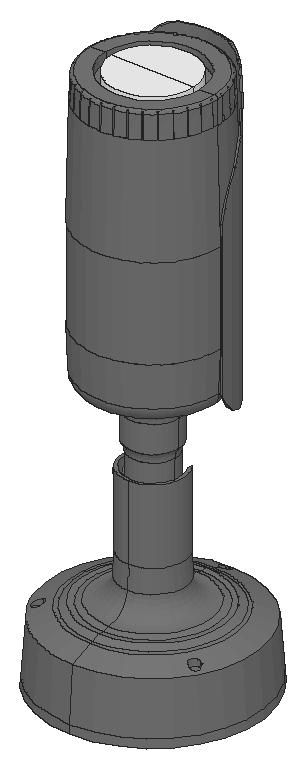
Revit family "Camera-Security-HanhwaTechwin-Bullet-Wisenet X-XNO-6120R_inch", category Security Devices, host Face, Revit 2020
Family settings
  Host = Face
  Maintain Annotation Orientation = No
  Round Connector Dimension = Use Diameter
  Part Type = Normal
  OmniClass Number = 23.85.30.17.14
  OmniClass Title = Video Surveillance
  Cut with Voids When Loaded = No
  Shared = No
  Room Calculation Point = No
Parameters (values of type "Standard")
  zz Length 3 [instance] = if(1 = 1, View Distance + 1.531", View Distance + 1.531")  # 37.531"
  zz Length 2 [instance] = tan(Field of View Horizontal Actual / 2) * View Distance  # 18.57303"
  zz Length 1 [instance] = tan(Field of View Vertical Actual / 2) * View Distance  # 10.38746"
  zz Angle 4 [instance] = if(1 = 1, Camera Shield Rotation Desired, Camera Shield Rotation Desired)  # 0.00°
  zz Angle 3 [instance] = Camera Tilt Actual + 90.00°  # 90.00°
  zz Angle 2 [instance] = 90.00° - Camera Shield Rotation Desired  # 90.00°
  zz Angle 1 [instance] = if(1 = 1, Camera Base Rotation Desired + 270.00°, Camera Base Rotation Desired + 270.00°)  # 270.00°
  WiseStreamII = "Support"  # constant formula
  Wide Dynamic Range = "150 dB"  # constant formula
  White Balance = "ATW / AWC / Manual / Indoor / Outdoor (Included Mercury & Sodium)"  # constant formula
  Weight = "0.995Kg (2.19lb)"
  Webpage Language = "English, Korean, Chinese, French, Italian, Spanish, German, Japanese,\r\nRussian, Swedish, Portuguese, Czech, Polish, Turkish, Dutch, Hungarian, Greek"  # constant formula
  Web Viewer = "Supported OS : Windows 7, 8.1, 10, Mac OS X 10.10. 10.11 10.12\r\nNon-Plugin Web Viewer\r\nSupported Browser : Google Chrome 56, MS Edge 39, Mozilla Firefox 49\r\n(Window 64bit only), Apple Safari 10 (Mac OS X only)\r\nPlug-in Web Viewer\r\nSupported Browser : MS Explore 11, Apple Safari 10 (Mac OS X only)"  # constant formula
  WarrantyStartDate [instance] = "1900-12-31T23:59:59"
  WarrantyGuarantorParts = ""
  WarrantyGuarantorLabor = ""
  WarrantyDurationUnit = "year"
  WarrantyDurationParts = ""
  WarrantyDurationLabor = ""
  WarrantyDescription = ""
  Voltage DC = "12V"  # constant formula
  Voltage AC = "24V"  # constant formula
  Voltage [instance] = 12 V
  View Distance [instance] = 36"
  Video Quality Adjustment = "H.265 / H.264 : MJPEG : Target bitrate level control"  # constant formula
  Video Out = "CVBS : 1.0 Vp-p / 75Ω Composite, 720 x 480(N), 720 x 576(P), for Installation\r\nUSB : Micro USB Type B, 1280 x 720, for Installation"  # constant formula
  Video Compression Format = "H.265 / H.264 (MPEG-4 part 10/AVC) : Main / Baseline / High, MJPEG"  # constant formula
  Video & Audio Analytics = "Tampering, Loitering, Directional detection, Defocus Detection, Fog Detection,\r\nVirtual Line, Enter / Exit, (Dis)Appear, Audio detection, Face detection, Motion\r\ndetection, Sound Classification"  # constant formula
  Version = "1"
  Unit Conversion [instance] = 39.37008"
  Uniclass2 = "Pr_60_75_05_22"
  URL = "https://www.hanwha-security.com"
  Total Pixels = "1,945(H) x 1,109(V) 2.16M"  # constant formula
  TagNumber (default) [instance] = ""
  SustainabilityPerformance = ""
  Streaming Method = "Unicast / Multicast"  # constant formula
  Streaming Capability = "Multiple streaming (Up to 10 profiles)"  # constant formula
  Storage Temperature / Humidity = "-50°C ~ +60°C (-58°F ~ +140°F) / Less than 90% RH"  # constant formula
  Smart Codec = "Manual mode (Area-based : 5ea)"  # constant formula
  Size = "Ø5.81\" x 14.51\" (Ø147.5 x 368.6.mm) (Without sunshield)"
  Shape = "Bullet"
  SerialNumber (default) = ""
  Security = "HTTPS (SSL) Login Authentication, Digest Login Authentication IP address filtering, User access log, 802.1X Authentication (EAP-TLS, EAP-LEAP)"  # constant formula
  Scanning System = "Progressive"  # constant formula
  S / N Ratio = "50 dB"  # constant formula
  Revision = ""
  Resolution = "1920 x 1080, 1280 x 1024, 1280 x 960, 1280 x 720, 1024 x 768, 800 x 600,\r\n800 x 448, 720 x 576, 720 x 480, 640 x 480, 640 x 360, 320 x 240"  # constant formula
  ReplacementCost = "Ø5.81\" (Ø147.5)"
  Protocol = "TCP/IP, UDP/IP, RTP (UDP), RTP (TCP), RTCP,RTSP, NTP, HTTP, HTTPS, SSL/TLS, DHCP, PPPoE, FTP, SMTP,\r\nICMP, IGMP, SNMPv1/v2c/v3 (MIB-2), ARP, DNS, DDNS, QoS, PIM-SM, UPnP, Bonjour"  # constant formula
  ProductInformation = ""
  Product Page URL [instance] = "https://www.hanwha-security.com/ko/products/camera/network/bullet/XNO-6120R/overview/"
  Product Material = Aluminum - HanwhaTechwin - Dark Gray
  Product Documentation Link = "https://www.hanwha-security.com/ko/products/camera/network/bullet/XNO-6120R/overview/"
  Privacy Masking = "Off / On (32ea, Rectangle zones) - Color : Grey / Green / Red / Blue / Black / White - Mosaic"  # constant formula
  Power Consumption = "24V AC : Max 14.5W, 12V DC : Max 12.5W, PoE : Max 12.95W"  # constant formula
  Pixel Counter = "Support"  # constant formula
  Operating Temperature / Humidity = "-40°C ~ +55°C (-40°F ~ +131°F) / Less than 90% RH * Start up should be done at above -35°C (-31°F)"  # constant formula
  NominalWidth = "Ø5.81\" (Ø147.5)"
  NominalLength = "14.51\" (368.6.mm)"
  NominalHeight = ""
  Name = "XNO-6120R"
  NBSTypeID = ""
  NBSReference = ""
  NBSOfficeMasterTag = ""
  NBSNote = ""
  NBSDescription = ""
  NBSCertification = ""
  Mount Type = "Board-in Type"  # constant formula
  Motion Detection = "Off / On (8ea, 8Point polygonal zones), Handover"  # constant formula
  ModelReference = "HanwhaTechwin"
  ModelNumber = "XNO-6120R"
  Model = "XNO-6120R"  # constant formula
  Min. Object Distance = "1.5m (4.92ft)"  # constant formula
  Min. Illumination = "Color : 0.03 Lux (F1.6, 1/30sec), B/W : 0Lux (IR LED on)"  # constant formula
  Megapixels = "2"  # constant formula
  Maximum Framerate = "H.265 / H.264 : Max. 60fps at all resolutions, MJPEG : Max. 30fps at all resolutions"  # constant formula
  Max. User Access = "20 users at unicast mode"  # constant formula
  Max. Aperture Ratio = "F1.6(Wide) ~ F3.0(Tele)"  # constant formula
  Max Resolution [instance] = 1920
  Material = "Aluminum"
  ManufacturerURL = "http://security.hanwhatechwin.com/"
  ManufacturerName = "HanwhaTechwin"
  Manufacturer = "Hanwha Techwin"  # constant formula
  Lens Type = "DC auto iris, P-Iris"  # constant formula
  LDC (Lens Distortion Correction) = "Off / On (5 Levels with Min / Max)"  # constant formula
  InstallationDate (default) [instance] = "1900-12-31T23:59:59"
  Input Vooltage / Current = "24V AC, 12V DC, PoE (IEEE802.3af Class3)"  # constant formula
  Ingress Protection / Vandal Resistance = "IP67, IP66, NEMA 4X / IK10"  # constant formula
  IR Viewable Length = "70m (229.66ft)"  # constant formula
  IP = "IPv4, IPv6"  # constant formula
  Grade = ""
  Gain Control = "Off / Low / Middle / High"  # constant formula
  Focus Control = "Simple focus (Motorized V/F) / Manual, Remote control via network (Manual, Simple focus)"  # constant formula
  Focal Length Actual [instance] = if(Focal Length > 2.45669", 2.45669", if(Focal Length < 0.20472", 0.20472", Focal Length))  # 0.20472"
  Focal Length (Zoom Ratio) = "5.2 ~ 62.4mm (Optical 12X)"  # constant formula
  Focal Length [instance] = 0.20472"
  FoV Hide Check [instance] = FoV Hide Check
  FoV Cross Check [instance] = FoV Cross Check
  Finish = ""
  Field of View_Recognize [instance] = Field of View - Recognize
  Field of View_Observe [instance] = Field of View - Observe
  Field of View_Identify [instance] = Field of View - Identify
  Field of View_Detect [instance] = Field of View - Detect
  Field of View is Visible_DORI [instance] = no
  Field of View is Visible [instance] = no
  Field of View Vertical Actual [instance] = 32.19° + (32.19° - 3.00°) / (2.45669" - 0.20472") * (Focal Length Actual - 0.20472")  # 32.19°
  Field of View Horizontal Actual [instance] = 54.58° + (5.30° - 54.58°) / (2.45669" - 0.20472") * (Focal Length Actual - 0.20472")  # 54.58°
  Field of View Diagonal Actual [instance] = 61.40° + (6.06° - 61.40°) / (2.45669" - 0.20472") * (Focal Length Actual - 0.20472")  # 61.40°
  Field of View [instance] = Field of View
  Features = "Max. 2Megapixel (1920 x 1080) resolution\r\n• 5.2 ~ 62.4mm (Optical 12X) Optical Lens\r\n• Max. 60fps@all resolutions (H.265 / H.264)"
  ExpectedLife = ""
  Ethernet = "RJ-45 (10/100BASE-T)"  # constant formula
  Electronic Shutter Speed = "Minimum / Maximum / Anti Flicker (2 ~ 1/12,000sec)"  # constant formula
  Effective Pixels = "1,945(H) x 1,097(V) 2.13M"  # constant formula
  Edge Storage = "SD / SDHC / SDXC 2Slot (Up to 512GB) - Continuous Recording (1st Slot to 2nd Slot)\r\n- Motion Images recorded in the SD / SDHC / SDXC Memory Card Can be Downloaded.\r\nNAS (Network Attached Storage), Local PC for Instant Recording"  # constant formula
  DurationUnit = ""
  Distance Recognize [instance] = 1 / 2 * (Max Resolution / 125) / tan(Field of View Horizontal Actual / 2) * Unit Conversion  # 586.06699"
  Distance Observe [instance] = 1 / 2 * (Max Resolution / 62.5) / tan(Field of View Horizontal Actual / 2) * Unit Conversion  # 1172.13398"
  Distance Identify [instance] = 1 / 2 * (Max Resolution / 250) / tan(Field of View Horizontal Actual / 2) * Unit Conversion  # 293.0335"
  Distance Detect [instance] = 1 / 2 * (Max Resolution / 25) / tan(Field of View Horizontal Actual / 2) * Unit Conversion  # 2930.33496"
  Digital Noise Reduction = "SSNRV (2D + 3D Noise filter) (Off / On)"  # constant formula
  Digital Image Stabilization = "Off / On (Built-in Gyro sensor)"  # constant formula
  Description = "NBS standard template for generic face-based components"  # constant formula
  Defog = "Off / Auto / Manual"  # constant formula
  Default Elevation = 48"
  Day and Night = "Auto (ICR) / Color / B/W / External / Schedule"  # constant formula
  Contrast Enhancement = "SSDR (Off / On)"  # constant formula
  Contrast = "Level adjusment"  # constant formula
  Constituents = ""
  Color = "Dark gray"
  CodePerformance = ""
  Central Management Software = "SmartViewer"  # constant formula
  Category = "2M Network IR Bullet Camera"
  Camera Title = "Off / On (Displayed up to 85 Characters)\r\n- W/W : English / Numeric / Special Characters\r\n- China : English / Numeric / Special / Chinese Characters\r\n- Common : Multi-line (Max. 5), Color (Grey / Green / Red / Blue / Black / White),\r\nTransparency, Auto scale by Resolution"  # constant formula
  Camera Tilt Desired [instance] = 0.00°
  Camera Tilt Actual [instance] = if(Camera Tilt Desired > 75.00°, 75.00°, if(Camera Tilt Desired < 0.00°, 0.00°, Camera Tilt Desired))  # 0.00°
  Camera Shield Rotation Desired [instance] = 0.00°
  Camera Shield Rotation Actual [instance] = if(Camera Shield Rotation Desired > 355.00°, 355.00°, if(Camera Shield Rotation Desired < 0.00°, 0.00°, Camera Shield Rotation Desired))  # 0.00°
  Camera Base Rotation Actual [instance] = if(Camera Base Rotation Desired > 354.00°, 354.00°, if(Camera Base Rotation Desired < 0.00°, 0.00°, Camera Base Rotation Desired))  # 0.00°
  Camera Base Rotation Desired [instance] = 0.00°
  Bitrate Control Method = "H.265 / H.264 : CBR or VBR, MJPEG : VBR"  # constant formula
  Base Vertical Length [instance] = 0.19685"
  Base Horizontal Length [instance] = 0.19685"
  BarCode (default) [instance] = ""
  Backlight Compensation = "Off / BLC / HLC / WDR"  # constant formula
  BIMObjectName = "Role_Source_Type_GenericFaceBased"
  Author = ""
  Audio In and Out = "Selectable (Mic in / Line in), Supply Voltage : 2.5V DC (4mA), Input Impedance : Approx. 2K Ohm / Line Out (3.5mm Mono Jack), Max Output Level: 1 Vrms"  # constant formula
  Audio Compression Format = "G.711 u-law/G.726 Selectable, G.726 (ADPCM) 8KHz, G.711 8KHz\r\nG.726 : 16Kbps, 24Kbps, 32Kbps, 40Kbps, AAC-LC : 48Kbps at 16KHz"  # constant formula
  Audio Communication = "Bi-directional (2-way)"  # constant formula
  AssetType = "Fixed"
  AssetIdentifier (default) [instance] = ""
  Application Programming Interface = "ONVIF Profile S/G, SUNAPI 2.0 (HTTP API), Wisenet Open Platform"  # constant formula
  Angular Field of View [instance] = "H : 54.58˚(Wide) ~ 5.30˚(Tele) / V : 32.19˚(Wide) ~ 3.00˚(Tele) / D : 61.40˚(Wide) ~ 6.06˚(Tele)"
  Alarm Triggers = "Alarm Input, Motion detection, Video & Audio Analytics, Network disconnect"  # constant formula
  Alarm Input and Output = "Input 1ea / Output 1ea"  # constant formula
  Alarm Events = "File Upload Via FTP, E-mail, Notification via e-mail, Local Storage (SD / SDHC /\r\nSDXC) or NAS recording at event triggers, External output, Preset"  # constant formula
  AccessibilityPerformance = ""
Reference planes (in)
  plane 1 "Center (Front/Back)": y = 0
  plane 2: z = 0
  plane 3 "Center (Left/Right)": x = 0
  plane 4: z = 3.17744
  plane 5: z = 5.14567
  plane 6: y = -0.82112
  plane 7: y = 0.82112
  plane 8: y = -2.748
  plane 9: y = 2.748
  plane 10: z = 1.98863
  plane 11: y = -1.44773
  plane 12: z = 1.58896
  plane 13: x = -0.43307
  plane 14: x = 0.43307
  plane 15: x = -0.51181
  plane 16: x = 0.51181
  plane 17: z = 4.79134
  plane 18: x = 1.79134
  plane 19: z = 13.7125
  plane 20: z = 6.70473
  plane 21 "1": x = 0
  plane 22: z = 13.83071
  plane 23: z = 14.62992
  plane 24: z = 6.79921
  plane 25: z = 14.70866
  plane 26: z = 14.51181
Forms (in)
  Revolve 1, solid, material "Aluminum - HanwhaTechwin - Dark Gray" <- "Product Material"
    sketch origin (0, 0, -0.11811) x (0, 1, 0) y (0, 0, 1)
      loop
        line (0, 0.11811) -> (0, 3.29555) -> (-0.80708, 3.29555) -> (-0.8284, 2.6849)
        arc (-0.8284, 2.6849) -> (-1.02426, 2.26196) -> (-1.46375, 2.10674) r 0.60016
        line (-1.46375, 2.10674) -> (-1.63131, 2.06299) -> (-1.77953, 2.06299) -> (-1.9718, 1.97158)
        arc (-1.9718, 1.97158) -> (-2.01817, 1.95522) -> (-2.06693, 1.94882) r 0.23622
        line (-2.06693, 1.94882) -> (-2.63666, 1.70707) -> (-2.73484, 0.33749) -> (-2.74826, 0.11811) -> (0, 0.11811)
      axis (0, 0.11811) -> (0, 3.29555)
    angle from 0 to 360
  Extrusion 2, solid, material "Aluminum - HanwhaTechwin - Dark Gray" <- "Product Material"
    sketch origin (0, 0, 4.79134) x (0, -1, 0) y (1, 0, 0)
      loop
        circle (0, 0) r 0.80709
      loop
        circle (0, 0) r 0.72835
    from -1.61389 to 0.35433
  Revolve 3, solid, material "Aluminum - HanwhaTechwin - Dark Gray" <- "Product Material"
    sketch origin (0, 0, 4.4833) x (0, 0, 1) y (-1, 0, 0)
      loop
        line (10.03083, -1.25287) -> (9.77851, -1.25287) -> (9.77851, 0) -> (-0.20377, 0) -> (-0.20377, -0.59055) -> (1.06338, -0.59055)
        arc (1.06338, -0.59055) -> (1.20257, -0.61598) -> (1.32379, -0.68897) r 0.3937
        line (1.32379, -0.68897) -> (2.0393, -0.68897)
        arc (2.0393, -0.68897) -> (2.32861, -0.78792) -> (2.49674, -1.04331) r 0.47244
        line (2.49674, -1.04331) -> (2.49674, -1.21261) -> (2.55579, -1.25197) -> (2.61512, -1.25197) -> (2.61512, -1.36592)
        arc (2.61512, -1.36592) -> (2.72682, -1.64064) -> (2.99852, -1.75949) r 0.3937
        line (2.99852, -1.75949) -> (4.06936, -1.79134) -> (6.48678, -1.79134) -> (9.36351, -1.73229) -> (9.95406, -1.71261)
        arc (9.95406, -1.71261) -> (10.00217, -1.68272) -> (10.03083, -1.63387) r 0.11811
        line (10.03083, -1.63387) -> (10.03083, -1.25287)
      axis (10.03083, 0) -> (-0.20377, 0)
    angle from 0 to 360
  Revolve 4, solid, material "Plastic - HanwhaTechwin - Sun-Shield", detail levels medium+fine
    sketch origin (0, 0, 4.79134) x (0, 0, 1) y (-1, 0, 0)
      loop
        line (9.72047, 0) -> (9.47047, 0) -> (9.47047, -1.08357) -> (9.72047, -1.08357) -> (9.72047, 0)
      axis (9.72047, 0) -> (9.47047, 0)
    angle from 0 to 360
  Extrusion 5, solid, material "Aluminum - HanwhaTechwin - Dark Gray" <- "Product Material"
    sketch origin (0, 0, 14.51181) x (1, 0, 0) y (0, 1, 0)
      loop
        arc (1.85039, 0) -> (0, 1.85039) -> (-1.85039, 0) r 1.85039
        line (-1.85039, 0) -> (-1.81102, 0)
        arc (-1.81102, 0) -> (0, 1.81102) -> (1.81102, 0) r 1.81102
        line (1.81102, 0) -> (1.85039, 0)
    from -7.7126 to 0.19685
  Extrusion 6, solid, material "Aluminum - HanwhaTechwin - Dark Gray" <- "Product Material"
    sketch origin (0, 0, 14.51181) x (1, 0, 0) y (0, 0, 1)
      loop
        circle (0, -5.82332) r 0.36
    from -2.01492 to -1.58159
  Extrusion 7, solid, material "Aluminum - HanwhaTechwin - Dark Gray" <- "Product Material"
    sketch origin (0, 0, 14.51181) x (1, 0, 0) y (0, 0, 1)
      loop
        line (0.23622, -5.35039) -> (-0.23622, -5.35039)
        arc (-0.23622, -5.35039) -> (-0.37541, -5.40805) -> (-0.43307, -5.54724) r 0.19685
        line (-0.43307, -5.54724) -> (-0.43307, -6.72835)
        arc (-0.43307, -6.72835) -> (-0.37541, -6.86754) -> (-0.23622, -6.9252) r 0.19685
        line (-0.23622, -6.9252) -> (0.23622, -6.9252)
        arc (0.23622, -6.9252) -> (0.37541, -6.86754) -> (0.43307, -6.72835) r 0.19685
        line (0.43307, -6.72835) -> (0.43307, -5.54724)
        arc (0.43307, -5.54724) -> (0.37541, -5.40805) -> (0.23622, -5.35039) r 0.19685
      loop
        arc (0.51181, -5.54724) -> (0.43109, -5.35237) -> (0.23622, -5.27165) r 0.27559
        line (0.23622, -5.27165) -> (-0.23622, -5.27165)
        arc (-0.23622, -5.27165) -> (-0.43109, -5.35237) -> (-0.51181, -5.54724) r 0.27559
        line (-0.51181, -5.54724) -> (-0.51181, -6.72835)
        arc (-0.51181, -6.72835) -> (-0.43109, -6.92322) -> (-0.23622, -7.00394) r 0.27559
        line (-0.23622, -7.00394) -> (0.23622, -7.00394)
        arc (0.23622, -7.00394) -> (0.43109, -6.92322) -> (0.51181, -6.72835) r 0.27559
        line (0.51181, -6.72835) -> (0.51181, -5.54724)
    from -1.87 to -1.58159
  Extrusion 8, void
    sketch origin (0, 0, 4.79134) x (0, 0, -1) y (0, 1, 0)
      loop
        line (-2.00787, 0) -> (-2.00787, 0.70887)
        arc (-2.00787, 0.70887) -> (-2.23841, 0.27403) -> (-2.64724, 0) r 1.00885
        line (-2.64724, 0) -> (-2.00787, 0)
      loop
        arc (-9.60951, 1.41181) -> (-9.79053, 1.52554) -> (-9.91732, 1.69767) r 0.57348
        line (-9.91732, 1.69767) -> (-9.91732, 0) -> (-6.73094, 0)
        arc (-6.73094, 0) -> (-7.32345, 0.17239) -> (-7.83953, 0.51068) r 2.08467
        arc (-7.83953, 0.51068) -> (-8.70079, 1.00786) -> (-9.60951, 1.41181) r 9.45238
    from -1.88976 to 1.88976
  Extrusion 9, void
    sketch origin (0, -1.25, 4.79134) x (0, 0, -1) y (-1, 0, 0)
      loop
        line (-0.35433, 0.61024) -> (-0.35433, -0.61024) -> (0.72835, -0.61024)
        arc (0.72835, -0.61024) -> (1.33858, 0) -> (0.72835, 0.61024) r 0.61024
        line (0.72835, 0.61024) -> (-0.35433, 0.61024)
    from 1.25 to 2.83159
  Extrusion 10, void
    sketch origin (0, 0.1504, 1.9685) x (0, -1, 0) y (-1, 0, 0)
      loop
        circle (-2.24803, 0) r 0.1575
      loop
        circle (1.35118, 2.07874) r 0.1575
      loop
        circle (1.35118, -2.07874) r 0.1575
    from 0.393 to 0
  Extrusion 11, solid, material "Aluminum - HanwhaTechwin - Dark Gray" <- "Product Material"
    sketch origin (0, 0, 4.35384) x (0, -1, 0) y (0, 0, 1)
      loop
        circle (0, 0.42049) r 0.15
    from 0.93885 to -0.67046
  Extrusion 12, void
    sketch origin (0, 0, 6.98004) x (0, -1, 0) y (1, 0, 0)
      loop
        line (1.68, -0.01969) -> (1.79134, -0.01969) -> (1.79134, 0.01969) -> (1.68, 0.01969) -> (1.68, -0.01969)
    from 7.53409 to 6.86677
  Extrusion 13, void
    sketch origin (0, 0, 6.98004) x (-0.18375, -0.982973, 0) y (0.982973, -0.18375, 0)
      loop
        line (1.68, -0.01969) -> (1.79134, -0.01969) -> (1.79134, 0.01969) -> (1.68, 0.01969) -> (1.68, -0.01969)
    from 7.53189 to 6.86677
  Extrusion 14, void
    sketch origin (0, 0, 6.98004) x (0.18375, -0.982973, 0) y (0.982973, 0.18375, 0)
      loop
        line (1.68, -0.01969) -> (1.79134, -0.01969) -> (1.79134, 0.01969) -> (1.68, 0.01969) -> (1.68, -0.01969)
    from 7.53189 to 6.86677
  Extrusion 15, void
    sketch origin (0, 0, 6.98004) x (0.361242, -0.932472, 0) y (0.932472, 0.361242, 0)
      loop
        line (1.68, -0.01969) -> (1.79134, -0.01969) -> (1.79134, 0.01969) -> (1.68, 0.01969) -> (1.68, -0.01969)
    from 7.53189 to 6.86677
  Extrusion 16, void
    sketch origin (0, 0, 6.98004) x (0.526432, -0.850217, 0) y (0.850217, 0.526432, 0)
      loop
        line (1.68, -0.01969) -> (1.79134, -0.01969) -> (1.79134, 0.01969) -> (1.68, 0.01969) -> (1.68, -0.01969)
    from 7.53189 to 6.86677
  Extrusion 17, void
    sketch origin (0, 0, 6.98004) x (0.673696, -0.739009, 0) y (0.739009, 0.673696, 0)
      loop
        line (1.68, -0.01969) -> (1.79134, -0.01969) -> (1.79134, 0.01969) -> (1.68, 0.01969) -> (1.68, -0.01969)
    from 7.53189 to 6.86677
  Extrusion 18, void
    sketch origin (0, 0, 6.98004) x (0.798017, -0.602635, 0) y (0.602635, 0.798017, 0)
      loop
        line (1.68, -0.01969) -> (1.79134, -0.01969) -> (1.79134, 0.01969) -> (1.68, 0.01969) -> (1.68, -0.01969)
    from 7.53189 to 6.86677
  Extrusion 19, void
    sketch origin (0, 0, 6.98004) x (0.895163, -0.445738, 0) y (0.445738, 0.895163, 0)
      loop
        line (1.68, -0.01969) -> (1.79134, -0.01969) -> (1.79134, 0.01969) -> (1.68, 0.01969) -> (1.68, -0.01969)
    from 7.53189 to 6.86677
  Extrusion 20, void
    sketch origin (0, 0, 6.98004) x (0.961826, -0.273663, 0) y (0.273663, 0.961826, 0)
      loop
        line (1.68, -0.01969) -> (1.79134, -0.01969) -> (1.79134, 0.01969) -> (1.68, 0.01969) -> (1.68, -0.01969)
    from 7.53189 to 6.86677
  Extrusion 21, void
    sketch origin (0, 0, 6.98004) x (0.995734, -0.092268, 0) y (0.092268, 0.995734, 0)
      loop
        line (1.68, -0.01969) -> (1.79134, -0.01969) -> (1.79134, 0.01969) -> (1.68, 0.01969) -> (1.68, -0.01969)
    from 7.53189 to 6.86677
  Extrusion 22, void
    sketch origin (0, 0, 6.98004) x (0.995734, 0.092268, 0) y (-0.092268, 0.995734, 0)
      loop
        line (1.68, -0.01969) -> (1.79134, -0.01969) -> (1.79134, 0.01969) -> (1.68, 0.01969) -> (1.68, -0.01969)
    from 7.53189 to 6.86677
  Extrusion 23, void
    sketch origin (0, 0, 6.98004) x (0.961826, 0.273663, 0) y (-0.273663, 0.961826, 0)
      loop
        line (1.68, -0.01969) -> (1.79134, -0.01969) -> (1.79134, 0.01969) -> (1.68, 0.01969) -> (1.68, -0.01969)
    from 7.53189 to 6.86677
  Extrusion 24, void
    sketch origin (0, 0, 6.98004) x (0.895163, 0.445738, 0) y (-0.445738, 0.895163, 0)
      loop
        line (1.68, -0.01969) -> (1.79134, -0.01969) -> (1.79134, 0.01969) -> (1.68, 0.01969) -> (1.68, -0.01969)
    from 7.53189 to 6.86677
  Extrusion 25, void
    sketch origin (0, 0, 6.98004) x (0.798017, 0.602635, 0) y (-0.602635, 0.798017, 0)
      loop
        line (1.68, -0.01969) -> (1.79134, -0.01969) -> (1.79134, 0.01969) -> (1.68, 0.01969) -> (1.68, -0.01969)
    from 7.53189 to 6.86677
  Extrusion 26, void
    sketch origin (0, 0, 6.98004) x (0.673696, 0.739009, 0) y (-0.739009, 0.673696, 0)
      loop
        line (1.68, -0.01969) -> (1.79134, -0.01969) -> (1.79134, 0.01969) -> (1.68, 0.01969) -> (1.68, -0.01969)
    from 7.53189 to 6.86677
  Extrusion 27, void
    sketch origin (0, 0, 6.98004) x (0.526432, 0.850217, 0) y (-0.850217, 0.526432, 0)
      loop
        line (1.68, -0.01969) -> (1.79134, -0.01969) -> (1.79134, 0.01969) -> (1.68, 0.01969) -> (1.68, -0.01969)
    from 7.53189 to 6.86677
  Extrusion 28, void
    sketch origin (0, 0, 6.98004) x (0.361242, 0.932472, 0) y (-0.932472, 0.361242, 0)
      loop
        line (1.68, -0.01969) -> (1.79134, -0.01969) -> (1.79134, 0.01969) -> (1.68, 0.01969) -> (1.68, -0.01969)
    from 7.53189 to 6.86677
  Extrusion 29, void
    sketch origin (0, 0, 6.98004) x (0.18375, 0.982973, 0) y (-0.982973, 0.18375, 0)
      loop
        line (1.68, -0.01969) -> (1.79134, -0.01969) -> (1.79134, 0.01969) -> (1.68, 0.01969) -> (1.68, -0.01969)
    from 7.53189 to 6.86677
  Extrusion 30, void
    sketch origin (0, 0, 6.98004) x (0, 1, 0) y (-1, 0, 0)
      loop
        line (1.68, -0.01969) -> (1.79134, -0.01969) -> (1.79134, 0.01969) -> (1.68, 0.01969) -> (1.68, -0.01969)
    from 7.53189 to 6.86677
  Extrusion 31, void
    sketch origin (0, 0, 6.98004) x (-0.18375, 0.982973, 0) y (-0.982973, -0.18375, 0)
      loop
        line (1.68, -0.01969) -> (1.79134, -0.01969) -> (1.79134, 0.01969) -> (1.68, 0.01969) -> (1.68, -0.01969)
    from 7.53189 to 6.86677
  Extrusion 32, void
    sketch origin (0, 0, 6.98004) x (-0.361242, 0.932472, 0) y (-0.932472, -0.361242, 0)
      loop
        line (1.68, -0.01969) -> (1.79134, -0.01969) -> (1.79134, 0.01969) -> (1.68, 0.01969) -> (1.68, -0.01969)
    from 7.53189 to 6.86677
  Extrusion 33, void
    sketch origin (0, 0, 6.98004) x (-0.526432, 0.850217, 0) y (-0.850217, -0.526432, 0)
      loop
        line (1.68, -0.01969) -> (1.79134, -0.01969) -> (1.79134, 0.01969) -> (1.68, 0.01969) -> (1.68, -0.01969)
    from 7.53189 to 6.86677
  Extrusion 34, void
    sketch origin (0, 0, 6.98004) x (-0.673696, 0.739009, 0) y (-0.739009, -0.673696, 0)
      loop
        line (1.68, -0.01969) -> (1.79134, -0.01969) -> (1.79134, 0.01969) -> (1.68, 0.01969) -> (1.68, -0.01969)
    from 7.53189 to 6.86677
  Extrusion 35, void
    sketch origin (0, 0, 6.98004) x (-0.798017, 0.602635, 0) y (-0.602635, -0.798017, 0)
      loop
        line (1.68, -0.01969) -> (1.79134, -0.01969) -> (1.79134, 0.01969) -> (1.68, 0.01969) -> (1.68, -0.01969)
    from 7.53189 to 6.86677
  Extrusion 36, void
    sketch origin (0, 0, 6.98004) x (-0.895163, 0.445738, 0) y (-0.445738, -0.895163, 0)
      loop
        line (1.68, -0.01969) -> (1.79134, -0.01969) -> (1.79134, 0.01969) -> (1.68, 0.01969) -> (1.68, -0.01969)
    from 7.53189 to 6.86677
  Extrusion 37, void
    sketch origin (0, 0, 6.98004) x (-0.961826, 0.273663, 0) y (-0.273663, -0.961826, 0)
      loop
        line (1.68, -0.01969) -> (1.79134, -0.01969) -> (1.79134, 0.01969) -> (1.68, 0.01969) -> (1.68, -0.01969)
    from 7.53189 to 6.86677
  Extrusion 38, void
    sketch origin (0, 0, 6.98004) x (-0.995734, 0.092268, 0) y (-0.092268, -0.995734, 0)
      loop
        line (1.68, -0.01969) -> (1.79134, -0.01969) -> (1.79134, 0.01969) -> (1.68, 0.01969) -> (1.68, -0.01969)
    from 7.53189 to 6.86677
  Extrusion 39, void
    sketch origin (0, 0, 6.98004) x (-0.995734, -0.092268, 0) y (0.092268, -0.995734, 0)
      loop
        line (1.68, -0.01969) -> (1.79134, -0.01969) -> (1.79134, 0.01969) -> (1.68, 0.01969) -> (1.68, -0.01969)
    from 7.53177 to 6.86677
  Extrusion 40, void
    sketch origin (0, 0, 6.98004) x (-0.961826, -0.273663, 0) y (0.273663, -0.961826, 0)
      loop
        line (1.68, -0.01969) -> (1.79134, -0.01969) -> (1.79134, 0.01969) -> (1.68, 0.01969) -> (1.68, -0.01969)
    from 7.53189 to 6.86677
  Extrusion 41, void
    sketch origin (0, 0, 6.98004) x (-0.895163, -0.445738, 0) y (0.445738, -0.895163, 0)
      loop
        line (1.68, -0.01969) -> (1.79134, -0.01969) -> (1.79134, 0.01969) -> (1.68, 0.01969) -> (1.68, -0.01969)
    from 7.53189 to 6.86677
  Extrusion 42, void
    sketch origin (0, 0, 6.98004) x (-0.798017, -0.602635, 0) y (0.602635, -0.798017, 0)
      loop
        line (1.68, -0.01969) -> (1.79134, -0.01969) -> (1.79134, 0.01969) -> (1.68, 0.01969) -> (1.68, -0.01969)
    from 7.53189 to 6.86677
  Extrusion 43, void
    sketch origin (0, 0, 6.98004) x (-0.673696, -0.739009, 0) y (0.739009, -0.673696, 0)
      loop
        line (1.68, -0.01969) -> (1.79134, -0.01969) -> (1.79134, 0.01969) -> (1.68, 0.01969) -> (1.68, -0.01969)
    from 7.53189 to 6.86677
  Extrusion 44, void
    sketch origin (0, 0, 6.98004) x (-0.526432, -0.850217, 0) y (0.850217, -0.526432, 0)
      loop
        line (1.68, -0.01969) -> (1.79134, -0.01969) -> (1.79134, 0.01969) -> (1.68, 0.01969) -> (1.68, -0.01969)
    from 7.53189 to 6.86677
  Extrusion 45, void
    sketch origin (0, 0, 6.98004) x (-0.361242, -0.932472, 0) y (0.932472, -0.361242, 0)
      loop
        line (1.68, -0.01969) -> (1.79134, -0.01969) -> (1.79134, 0.01969) -> (1.68, 0.01969) -> (1.68, -0.01969)
    from 7.53189 to 6.86677
Cuts and joins
  Extrusion 12, Extrusion 13, Extrusion 14, Extrusion 15, Extrusion 16, Extrusion 17, Extrusion 18, Extrusion 19, Extrusion 20, Extrusion 21, Extrusion 22, Extrusion 23, Extrusion 24, Extrusion 25, Extrusion 26, Extrusion 27, Extrusion 28, Extrusion 29, Extrusion 30, Extrusion 31, Extrusion 32, Extrusion 33, Extrusion 34, Extrusion 35, Extrusion 36, Extrusion 37, Extrusion 38, Extrusion 39, Extrusion 40, Extrusion 41, Extrusion 42, Extrusion 43, Extrusion 44, Extrusion 45 cuts Revolve 3
  Extrusion 8, Extrusion 9, Extrusion 13, Extrusion 14, Extrusion 15, Extrusion 16, Extrusion 17, Extrusion 18, Extrusion 19, Extrusion 20, Extrusion 21, Extrusion 22, Extrusion 23, Extrusion 24, Extrusion 25, Extrusion 26, Extrusion 27, Extrusion 28, Extrusion 29, Extrusion 30, Extrusion 31, Extrusion 32, Extrusion 33, Extrusion 34, Extrusion 35, Extrusion 36, Extrusion 37, Extrusion 38, Extrusion 39, Extrusion 40, Extrusion 41, Extrusion 42, Extrusion 43, Extrusion 44, Extrusion 45 cuts Extrusion 5
  Extrusion 9, Extrusion 13, Extrusion 14, Extrusion 15, Extrusion 16, Extrusion 17, Extrusion 18, Extrusion 19, Extrusion 20, Extrusion 21, Extrusion 22, Extrusion 23, Extrusion 24, Extrusion 25, Extrusion 26, Extrusion 27, Extrusion 28, Extrusion 29, Extrusion 30, Extrusion 31, Extrusion 32, Extrusion 33, Extrusion 34, Extrusion 35, Extrusion 36, Extrusion 37, Extrusion 38, Extrusion 39, Extrusion 40, Extrusion 41, Extrusion 42, Extrusion 43, Extrusion 44, Extrusion 45 cuts Extrusion 6
  Extrusion 9, Extrusion 13, Extrusion 14, Extrusion 15, Extrusion 16, Extrusion 17, Extrusion 18, Extrusion 19, Extrusion 20, Extrusion 21, Extrusion 22, Extrusion 23, Extrusion 24, Extrusion 25, Extrusion 26, Extrusion 27, Extrusion 28, Extrusion 29, Extrusion 30, Extrusion 31, Extrusion 32, Extrusion 33, Extrusion 34, Extrusion 35, Extrusion 36, Extrusion 37, Extrusion 38, Extrusion 39, Extrusion 40, Extrusion 41, Extrusion 42, Extrusion 43, Extrusion 44, Extrusion 45 cuts Extrusion 7
  joined: Revolve 3, Extrusion 5, Extrusion 6, Extrusion 7
  Extrusion 9 cuts Extrusion 2
  joined: Extrusion 2, Extrusion 11
  Extrusion 10 cuts Revolve 1
Lines and regions (in)
  reference lines
    curve 1: line (0, 0, 4.79134) -> (0, -1.25, 4.79134)
    curve 2: line (0, 0, 4.79134) -> (0, 0, 14.51181)
    curve 3: line (0, 0, 14.51181) -> (2.89608, 0, 14.51181)
    curve 4: line (0, 0, 8.31467) -> (1.60218, 0, 8.31467)
    curve 5: line (0, 0, 7.40919) -> (1.60218, 0, 7.40919)
    curve 6: line (0.68898, 0, 5.90598) -> (0.68898, 0, 14.51181)
    curve 7: line (0.59055, 0, 5.90598) -> (0.59055, 0, 14.51181)
    curve 8: line (0, 0, 7.73912) -> (1.60218, 0, 7.73912)
    curve 9: line (1.08357, 0, 5.90598) -> (1.08357, 0, 14.51181)
    curve 10: line (1.60218, 0, 7.14144) -> (0, 0, 7.14144)
    curve 11: line (0, 0, 5.90598) -> (1.60218, 0, 5.90598)
    curve 12: line (0, 0, 14.51181) -> (1.60218, 0, 14.51181)
    curve 13: line (1.08357, 0, 14.26181) -> (0, 0, 14.26181)
    curve 14: line (0, 0, 14.51181) -> (0, -0.5, 14.51181)
    curve 15: line (0, 0, 14.51181) -> (-0.5, 0, 14.51181)
Dimensions and locks (in)
  equal spacing: plane 6, plane 1 "Center (Front/Back)", plane 7  (x2)
  equal spacing: plane 8, plane 1 "Center (Front/Back)", plane 9  (x2)
  locked: curve 12 to curve 12
  locked: curve 2 to curve 12
  plane 8 to plane 9 = 5.496"
  locked: plane 6 to plane 7 at 1.64224
  locked: plane 11 to plane 1 "Center (Front/Back)" at 1.44773
  locked: curve 1 to curve 2
  plane 1 "Center (Front/Back)" to plane 8 = 2.748"
  Revolve 3 sketch curve to Revolve 3 sketch curve = 1.79134"
  Extrusion 5 sketch curve to Extrusion 5 sketch curve = 0.03937"  (x2)
  plane 26 to level = 14.51181"
  plane 26 to plane 24 to level = 7.7126", 6.79921"
  level to plane 10 to plane 5 to plane 24 = 1.98863", 3.15704", 1.65354"
  plane 9 to plane 8 = 5.496"
  radius of Extrusion 5 sketch curve = 1.85039"
  radius of Extrusion 5 sketch curve = 1.81102"
  "zz Angle 1": angle curve 1 to plane 1 "Center (Front/Back)"
  "zz Angle 3": angle curve 1 to curve 2
  "zz Angle 4": angle curve 3 to curve 12
  "zz Angle 2": angle curve 14 to curve 3
  aligned and locked: plane 2 to host face
  aligned and locked: level to host face
  aligned and locked: Extrusion 2 to plane 4
  aligned and locked: plane 5 to Extrusion 2
  aligned and locked: plane 1 "Center (Front/Back)" to curve 1
  aligned and locked: plane 3 "Center (Left/Right)" to curve 1
  aligned and locked: Revolve 4 sketch curve to curve 9
  aligned and locked: Revolve 4 sketch curve to curve 13
  aligned and locked: Revolve 4 sketch curve to curve 3
  aligned and locked: plane 3 "Center (Left/Right)" to plane 21 "1"
  aligned and locked: Revolve 3 to Extrusion 12
  aligned and locked: Extrusion 12 to cut or joined group of Revolve 3, Extrusion 5, Extrusion 6, Extrusion 7, Extrusion 8, Extrusion 9, Extrusion 12, Extrusion 13, Extrusion 14, Extrusion 15, Extrusion 16, Extrusion 17, Extrusion 18, Extrusion 19, Extrusion 20, Extrusion 21, Extrusion 22, Extrusion 23, Extrusion 24, Extrusion 25, Extrusion 26, Extrusion 27, Extrusion 28, Extrusion 29, Extrusion 30, Extrusion 31, Extrusion 32, Extrusion 33, Extrusion 34, Extrusion 35, Extrusion 36, Extrusion 37, Extrusion 38, Extrusion 39, Extrusion 40, Extrusion 41, Extrusion 42, Extrusion 43, Extrusion 44, Extrusion 45
Automatic sketch dimensions
  host sketch curve to host sketch curve = 6.10415"
  host sketch curve to host sketch curve = 6.61996"
  Revolve 4 sketch curve to curve 2 = 0"  (x2)
  Revolve 4 sketch curve to Revolve 4 sketch curve = 0"  (x2)
  Extrusion 11 sketch curve to curve 1 = 0"
  Extrusion 11 sketch curve to curve 1 = 0.01701"
  Revolve 1 sketch curve to plane 12 = 0"
  Revolve 1 sketch curve to plane 10 = 0"
  Revolve 1 sketch curve to plane 4 = 0"
  Revolve 1 sketch curve to plane 1 "Center (Front/Back)" = 0"  (x2)
  Revolve 1 sketch curve to plane 6 = 0.01404"
  plane 6 to Revolve 1 sketch curve = 0.00728"
  Revolve 1 sketch curve to plane 11 = 0.01953"
  plane 11 to Revolve 1 sketch curve = 0.01602"
  Revolve 1 sketch curve to plane 10 = 0.04374"
  Revolve 1 sketch curve to Revolve 1 sketch curve = 0.16757"
  Revolve 1 sketch curve to Revolve 1 sketch curve = 0.14821"
  Revolve 1 sketch curve to plane 10 = 0.13515"
  Revolve 1 sketch curve to Revolve 1 sketch curve = 0.19227"
  Revolve 1 sketch curve to plane 10 = 0.15792"
  Revolve 1 sketch curve to Revolve 1 sketch curve = 0.09513"
  plane 10 to Revolve 1 sketch curve = 0.07822"
  Revolve 1 sketch curve to plane 8 = 0.11134"
  Revolve 1 sketch curve to plane 8 = 0.01316"
  plane 8 to Revolve 1 sketch curve = 0.00026"
  level to Revolve 1 sketch curve = 0.21938"
  level to Revolve 1 sketch curve = 0"
  Revolve 1 sketch curve to plane 4 = 0.61065"
  Revolve 1 sketch curve to level = 2.61811"
  plane 5 to Revolve 1 sketch curve = 0.39535"
  curve 1 to Extrusion 2 sketch curve = 0"  (x2)
  Extrusion 9 sketch curve to plane 5 = 0"
  plane 17 to Extrusion 9 sketch curve = 0.72835"
  Extrusion 10 sketch curve to plane 3 "Center (Left/Right)" = 0"
  plane 9 to Extrusion 10 sketch curve = 0.34957"
  Extrusion 10 sketch curve to plane 11 = 0.24694"  (x2)
  plane 15 to Extrusion 10 sketch curve = 1.56693"
  Extrusion 10 sketch curve to plane 16 = 1.56693"
  Extrusion 9 sketch curve to Extrusion 9 sketch curve = 0.61024"
  curve 2 to Revolve 3 sketch curve = 0"  (x2)
  Revolve 3 sketch curve to curve 2 = 0.51181"
  curve 2 to Revolve 3 sketch curve = 0.75534"
  Revolve 3 sketch curve to Revolve 3 sketch curve = 0.26041"
  Revolve 3 sketch curve to Revolve 3 sketch curve = 0.71551"
  Revolve 3 sketch curve to Revolve 3 sketch curve = 0.05905"
  Revolve 3 sketch curve to Revolve 3 sketch curve = 0.05933"
  Revolve 3 sketch curve to Revolve 3 sketch curve = 0.38339"
  Revolve 3 sketch curve to Revolve 3 sketch curve = 0.3937"
  Revolve 3 sketch curve to Revolve 3 sketch curve = 1.07085"
  Revolve 3 sketch curve to Revolve 3 sketch curve = 2.41741"
  Revolve 3 sketch curve to curve 2 = 0.665"
  Revolve 3 sketch curve to curve 2 = 0.25"
  Revolve 3 sketch curve to curve 2 = 0.11091"
  Revolve 3 sketch curve to curve 2 = 0.07445"
  curve 2 to Revolve 3 sketch curve = 0.00232"
  Revolve 3 sketch curve to Revolve 3 sketch curve = 0.03185"
  Revolve 3 sketch curve to curve 2 = 1.73229"
  Revolve 3 sketch curve to curve 2 = 1.71261"
  Revolve 3 sketch curve to curve 2 = 1.63387"
  Revolve 3 sketch curve to curve 2 = 1.25287"
  Revolve 3 sketch curve to Revolve 3 sketch curve = 0.11395"
  Revolve 3 sketch curve to Revolve 3 sketch curve = 0.03937"
  Revolve 3 sketch curve to Revolve 3 sketch curve = 0.05119"
  Revolve 3 sketch curve to Revolve 3 sketch curve = 0.17716"
  Revolve 3 sketch curve to Revolve 3 sketch curve = 0.29528"
  Revolve 3 sketch curve to Revolve 3 sketch curve = 5.16235"
  curve 2 to Revolve 3 sketch curve = 2.94048"
  Revolve 3 sketch curve to Revolve 3 sketch curve = 0.1693"
  Extrusion 12 sketch curve to Extrusion 12 sketch curve = 0.03937"
  Extrusion 12 sketch curve to Extrusion 12 sketch curve = 0.11134"
  Extrusion 13 sketch curve to Extrusion 13 sketch curve = 0.03937"
  Extrusion 13 sketch curve to Extrusion 13 sketch curve = 0.11134"
  Extrusion 14 sketch curve to Extrusion 14 sketch curve = 0.03937"
  Extrusion 14 sketch curve to Extrusion 14 sketch curve = 0.11134"
  Extrusion 15 sketch curve to Extrusion 15 sketch curve = 0.03937"
  Extrusion 15 sketch curve to Extrusion 15 sketch curve = 0.11134"
  Extrusion 16 sketch curve to Extrusion 16 sketch curve = 0.03937"
  Extrusion 16 sketch curve to Extrusion 16 sketch curve = 0.11134"
  Extrusion 17 sketch curve to Extrusion 17 sketch curve = 0.03937"
  Extrusion 17 sketch curve to Extrusion 17 sketch curve = 0.11134"
  Extrusion 18 sketch curve to Extrusion 18 sketch curve = 0.03937"
  Extrusion 18 sketch curve to Extrusion 18 sketch curve = 0.11134"
  Extrusion 19 sketch curve to Extrusion 19 sketch curve = 0.03937"
  Extrusion 19 sketch curve to Extrusion 19 sketch curve = 0.11134"
  Extrusion 20 sketch curve to Extrusion 20 sketch curve = 0.03937"
  Extrusion 20 sketch curve to Extrusion 20 sketch curve = 0.11134"
  Extrusion 21 sketch curve to Extrusion 21 sketch curve = 0.03937"
  Extrusion 21 sketch curve to Extrusion 21 sketch curve = 0.11134"
  Extrusion 22 sketch curve to Extrusion 22 sketch curve = 0.03937"
  Extrusion 22 sketch curve to Extrusion 22 sketch curve = 0.11134"
  Extrusion 23 sketch curve to Extrusion 23 sketch curve = 0.03937"
  Extrusion 23 sketch curve to Extrusion 23 sketch curve = 0.11134"
  Extrusion 24 sketch curve to Extrusion 24 sketch curve = 0.03937"
  Extrusion 24 sketch curve to Extrusion 24 sketch curve = 0.11134"
  Extrusion 25 sketch curve to Extrusion 25 sketch curve = 0.03937"
  Extrusion 25 sketch curve to Extrusion 25 sketch curve = 0.11134"
  Extrusion 26 sketch curve to Extrusion 26 sketch curve = 0.03937"
  Extrusion 26 sketch curve to Extrusion 26 sketch curve = 0.11134"
  Extrusion 27 sketch curve to Extrusion 27 sketch curve = 0.03937"
  Extrusion 27 sketch curve to Extrusion 27 sketch curve = 0.11134"
  Extrusion 28 sketch curve to Extrusion 28 sketch curve = 0.03937"
  Extrusion 28 sketch curve to Extrusion 28 sketch curve = 0.11134"
  Extrusion 29 sketch curve to Extrusion 29 sketch curve = 0.03937"
  Extrusion 29 sketch curve to Extrusion 29 sketch curve = 0.11134"
  Extrusion 30 sketch curve to Extrusion 30 sketch curve = 0.03937"
  Extrusion 30 sketch curve to Extrusion 30 sketch curve = 0.11134"
  Extrusion 31 sketch curve to Extrusion 31 sketch curve = 0.03937"
  Extrusion 31 sketch curve to Extrusion 31 sketch curve = 0.11134"
  Extrusion 32 sketch curve to Extrusion 32 sketch curve = 0.03937"
  Extrusion 32 sketch curve to Extrusion 32 sketch curve = 0.11134"
  Extrusion 33 sketch curve to Extrusion 33 sketch curve = 0.03937"
  Extrusion 33 sketch curve to Extrusion 33 sketch curve = 0.11134"
  Extrusion 34 sketch curve to Extrusion 34 sketch curve = 0.03937"
  Extrusion 34 sketch curve to Extrusion 34 sketch curve = 0.11134"
  Extrusion 35 sketch curve to Extrusion 35 sketch curve = 0.03937"
  Extrusion 35 sketch curve to Extrusion 35 sketch curve = 0.11134"
  Extrusion 36 sketch curve to Extrusion 36 sketch curve = 0.03937"
  Extrusion 36 sketch curve to Extrusion 36 sketch curve = 0.11134"
  Extrusion 37 sketch curve to Extrusion 37 sketch curve = 0.03937"
  Extrusion 37 sketch curve to Extrusion 37 sketch curve = 0.11134"
  Extrusion 38 sketch curve to Extrusion 38 sketch curve = 0.03937"
  Extrusion 38 sketch curve to Extrusion 38 sketch curve = 0.11134"
  Extrusion 39 sketch curve to Extrusion 39 sketch curve = 0.03937"
  Extrusion 39 sketch curve to Extrusion 39 sketch curve = 0.11134"
  Extrusion 40 sketch curve to Extrusion 40 sketch curve = 0.03937"
  Extrusion 40 sketch curve to Extrusion 40 sketch curve = 0.11134"
  Extrusion 41 sketch curve to Extrusion 41 sketch curve = 0.03937"
  Extrusion 41 sketch curve to Extrusion 41 sketch curve = 0.11134"
  Extrusion 42 sketch curve to Extrusion 42 sketch curve = 0.03937"
  Extrusion 42 sketch curve to Extrusion 42 sketch curve = 0.11134"
  Extrusion 43 sketch curve to Extrusion 43 sketch curve = 0.03937"
  Extrusion 43 sketch curve to Extrusion 43 sketch curve = 0.11134"
  Extrusion 44 sketch curve to Extrusion 44 sketch curve = 0.03937"
  Extrusion 44 sketch curve to Extrusion 44 sketch curve = 0.11134"
  Extrusion 45 sketch curve to Extrusion 45 sketch curve = 0.03937"
  Extrusion 45 sketch curve to Extrusion 45 sketch curve = 0.11134"
  Extrusion 12 sketch curve to Revolve 3 = 1.68"
  Extrusion 13 sketch curve to Revolve 3 = 1.65501"
  Extrusion 14 sketch curve to Revolve 3 = 1.64777"
  Extrusion 15 sketch curve to Revolve 3 = 1.55944"
  Extrusion 16 sketch curve to Revolve 3 = 1.418"
  Extrusion 17 sketch curve to Revolve 3 = 1.22827"
  Extrusion 18 sketch curve to Revolve 3 = 0.99671"
  Extrusion 19 sketch curve to Revolve 3 = 0.73122"
  Extrusion 20 sketch curve to Revolve 3 = 0.44082"
  Extrusion 21 sketch curve to Revolve 3 = 0.13541"
  Revolve 3 to Extrusion 22 sketch curve = 0.17461"
  Revolve 3 to Extrusion 23 sketch curve = 0.47869"
  Revolve 3 to Extrusion 24 sketch curve = 0.76646"
  Revolve 3 to Extrusion 25 sketch curve = 1.02813"
  Revolve 3 to Extrusion 26 sketch curve = 1.25479"
  Revolve 3 to Extrusion 27 sketch curve = 1.43872"
  Revolve 3 to Extrusion 28 sketch curve = 1.57366"
  Revolve 3 to Extrusion 29 sketch curve = 1.65501"
  Revolve 3 to Extrusion 30 sketch curve = 1.68"
  Revolve 3 to Extrusion 31 sketch curve = 1.64777"
  Revolve 3 to Extrusion 32 sketch curve = 1.55944"
  Revolve 3 to Extrusion 33 sketch curve = 1.418"
  Revolve 3 to Extrusion 34 sketch curve = 1.22827"
  Revolve 3 to Extrusion 35 sketch curve = 0.99671"
  Revolve 3 to Extrusion 36 sketch curve = 0.73122"
  Revolve 3 to Extrusion 37 sketch curve = 0.44082"
  Revolve 3 to Extrusion 38 sketch curve = 0.13541"
  Extrusion 39 sketch curve to Revolve 3 = 0.17461"
  Extrusion 40 sketch curve to Revolve 3 = 0.47869"
  Extrusion 41 sketch curve to Revolve 3 = 0.76646"
  Extrusion 42 sketch curve to Revolve 3 = 1.02813"
  Extrusion 43 sketch curve to Revolve 3 = 1.25479"
  Extrusion 44 sketch curve to Revolve 3 = 1.43872"
  Extrusion 45 sketch curve to Revolve 3 = 1.57366"
  curve 3 to Extrusion 6 sketch curve = 0"
  Extrusion 6 sketch curve to curve 3 = 5.82332"
  Extrusion 7 sketch curve to Extrusion 7 sketch curve = 0"  (x8)
  Extrusion 7 sketch curve to curve 3 = 0.51181"
  Extrusion 7 sketch curve to Extrusion 7 sketch curve = 0.07874"
  Extrusion 7 sketch curve to curve 3 = 0.23622"  (x2)
  curve 3 to Extrusion 7 sketch curve = 0.23622"  (x2)
  Extrusion 7 sketch curve to Extrusion 7 sketch curve = 0.19685"
  Extrusion 7 sketch curve to curve 3 = 7.00394"
  Extrusion 7 sketch curve to curve 3 = 5.54724"
  Extrusion 8 sketch curve to curve 2 = 0"  (x2)
  Extrusion 8 sketch curve to curve 2 = 0.70887"
  curve 2 to Extrusion 8 sketch curve = 2.00787"
  Extrusion 8 sketch curve to Extrusion 8 sketch curve = 0.63937"
  Extrusion 8 sketch curve to curve 2 = 0.94972"
  Extrusion 8 sketch curve to curve 2 = 3.26925"
  Extrusion 8 sketch curve to Extrusion 8 sketch curve = 0.27972"
  Extrusion 8 sketch curve to curve 2 = 0.3202"
  curve 2 to Extrusion 8 sketch curve = 0.19685"
  curve 2 to Extrusion 8 sketch curve = 3.26887"
  Extrusion 8 sketch curve to curve 2 = 7.41566"
  curve 2 to Extrusion 8 sketch curve = 1.69767"
  curve 2 to Extrusion 8 sketch curve = 1.94576"
  Extrusion 8 sketch curve to curve 2 = 2.06582"
  Extrusion 8 sketch curve to curve 2 = 0.51068"
  Extrusion 5 sketch curve to Extrusion 5 sketch curve = 0"  (x2)
  Extrusion 5 sketch curve to Revolve 4 = 0"
  curve 11 to curve 2 = 0"
  curve 10 to curve 2 = 0"
  curve 5 to curve 2 = 0"
  curve 8 to curve 2 = 0"
  curve 4 to curve 2 = 0"
  curve 13 to curve 2 = 0"
  curve 7 to curve 2 = 0"
  curve 3 to curve 2 = 2.89608"
  curve 9 to curve 2 = 1.08357"
  curve 6 to curve 2 = 0.68898"
  curve 7 to curve 2 = 0.59055"
  curve 3 to curve 2 = 0"
  curve 13 to curve 2 = 0.25"
  curve 2 to curve 4 = 1.60218"
  curve 2 to curve 4 = 3.52333"
  curve 8 to curve 4 = 0.57555"
  curve 5 to curve 8 = 0.32993"
  curve 10 to curve 5 = 0.26775"
  curve 2 to curve 11 = 1.11464"
  curve 11 to curve 9 = 0.51862"
  curve 4 to curve 10 = 0"
  curve 5 to curve 10 = 0"
  curve 8 to curve 5 = 0"
  curve 15 to curve 14 = 0"  (x2)
  curve 15 to curve 14 = 0.5"
  radius of Extrusion 11 sketch curve = 0.15"
  radius of Extrusion 2 sketch curve = 0.80709"
  radius of Extrusion 10 sketch curve = 0.1575"  (x3)
  radius of Extrusion 6 sketch curve = 0.36"
Nested families (in)
  nested 1: "Security Camera Symbol" at (0, 0, 0), type "Security Camera Symbol", detail levels coarse+medium
  nested 2: "DORI FOV" at (0, 0, 14.51181), Field of View is Visible <- "Field of View is Visible", Field of View is Visible_DORI <- "Field of View is Visible_DORI", Field of View <- "Field of View", Field of View_Detect <- "Field of View_Detect", Field of View_Identify <- "Field of View_Identify", Field of View_Observe <- "Field of View_Observe", Field of View_Recognize <- "Field of View_Recognize", FoV Cross Check <- "FoV Cross Check", FoV Hide Check <- "FoV Hide Check", Base Horizontal Length <- "Base Horizontal Length", Base Vertical Length <- "Base Vertical Length", Field of View Diagonal <- "Field of View Diagonal Actual", Field of View Horizontal <- "Field of View Horizontal Actual", Field of View Vertical <- "Field of View Vertical Actual", Max Resolution <- "Max Resolution", View Distance <- "View Distance", Unit Conversion <- "Unit Conversion", Distance Detect <- "Distance Detect", Distance Identify <- "Distance Identify", Distance Observe <- "Distance Observe", Distance Recognize <- "Distance Recognize", type "DORI FOV"
    with zz Vertical Length_Recognize 338.20828", zz Vertical Length_Observe 676.41657", zz Vertical Length_Identify 169.10414", zz Vertical Length_Detect 1691.04141", zz Vertical Length 20.77493", zz Horizontal Length_Recognize 604.72441", zz Horizontal Length_Observe 1209.44882", zz Horizontal Length_Identify 302.3622", zz Horizontal Length_Detect 3023.62205", zz Horizontal Length 37.14606", View Distance 36", Unit Conversion 39.37008", Max Resolution 1920, FoV Hide Check FoV Hide Check, FoV Cross Check FoV Cross Check, Field of View_Recognize Field of View - Recognize, Field of View_Observe Field of View - Observe, Field of View_Identify Field of View - Identify, Field of View_Detect Field of View - Detect, Field of View is Visible_DORI no, Field of View is Visible no, Field of View Vertical 32.19°, Field of View Horizontal 54.58°, Field of View Diagonal 61.40°, Field of View Field of View, Distance Recognize 586.06699", Distance Observe 1172.13398", Distance Identify 293.0335", Distance Detect 2930.33496", Base Vertical Length 0.19685", Base Horizontal Length 0.19685"
Connectors (in)
  electrical at (0, 0, 0), driven by "Voltage"
    settings: index 1, voltage 12 V, apparent load 0 VA, apparent load phase1 0 VA, apparent load phase2 0 VA, apparent load phase3 0 VA, power factor 1, load classification "Other", number of poles 1, system type 31, power factor state 1, is connector primary yes, connector utility no, sub classification motor no, connector description "Power Connector"
  electrical at (0, 0, 0)
    settings: index 2, voltage 0 V, apparent load 0 VA, apparent load phase1 0 VA, apparent load phase2 0 VA, apparent load phase3 0 VA, power factor 1, load classification "Other", number of poles 1, system type 14, power factor state 1, is connector primary no, connector utility no, sub classification motor no, connector description "Ethernet Connector"
Definition of nested family "Security Camera Symbol"
  Parameters
    Default Elevation = 48"
  Reference planes (in)
    plane 1 "Center (Front/Back)": y = 0
    plane 2: z = 0
    plane 3 "Center (Left/Right)": x = 0
  Forms (in)
    Extrusion 1, solid
      sketch origin (0, 0, 0) x (1, 0, 0) y (0, 1, 0)
        loop
          line (-48, 48) -> (-48, -48) -> (48, -48) -> (48, 48) -> (-48, 48)
      from 0 to -12
  Dimensions and locks (in)
    aligned and locked: plane 2 to Extrusion 1
    aligned and locked: level to Extrusion 1
  Nested families (in)
    nested 1: "Security Camera Symbol" at (0, 0, 0), type "PTZ Camera"
  Definition of nested family "Security Camera Symbol"
    Reference planes (in)
      plane 1: y = 0
      plane 2: x = 0
    Lines and regions (in)
      Masking region 1
        outline origin (0, 0, 0) x (1, 0, 0) y (0, 1, 0)
          loop
            circle (0, 0) r 0.16623
      detail lines
        curve 1: line (-0.10178, 0.0548, 0) -> (0.04949, 0.0548, 0)
        curve 2: line (-0.10178, -0.0548, 0) -> (-0.10178, 0.0548, 0)
        curve 3: line (0.04949, -0.0548, 0) -> (-0.10178, -0.0548, 0)
        curve 4: line (0.04949, 0.0548, 0) -> (0.04949, -0.0548, 0)
        curve 5: line (0.04949, 0, 0) -> (0.1043, 0.0548, 0)
        curve 6: line (0.1043, 0.0548, 0) -> (0.1043, -0.0548, 0)
        curve 7: line (0.1043, -0.0548, 0) -> (0.04949, 0, 0)
Definition of nested family "DORI FOV"
  Parameters (values of type "DORI FOV")
    zz Vertical Length_Recognize [instance] = tan(Field of View Vertical / 2) * Distance Recognize * 2  # 252.93246"
    zz Vertical Length_Observe [instance] = tan(Field of View Vertical / 2) * Distance Observe * 2  # 505.86493"
    zz Vertical Length_Identify [instance] = tan(Field of View Vertical / 2) * Distance Identify * 2  # 126.46623"
    zz Vertical Length_Detect [instance] = tan(Field of View Vertical / 2) * Distance Detect * 2  # 1011.72985"
    zz Vertical Length [instance] = tan(Field of View Vertical / 2) * View Distance * 2  # 33.02575"
    zz Horizontal Length_Recognize [instance] = tan(Field of View Horizontal / 2) * Distance Recognize * 2  # 599.40495"
    zz Horizontal Length_Observe [instance] = tan(Field of View Horizontal / 2) * Distance Observe * 2  # 1198.80989"
    zz Horizontal Length_Identify [instance] = tan(Field of View Horizontal / 2) * Distance Identify * 2  # 299.70247"
    zz Horizontal Length_Detect [instance] = tan(Field of View Horizontal / 2) * Distance Detect * 2  # 2397.61978"
    zz Horizontal Length [instance] = tan(Field of View Horizontal / 2) * View Distance * 2  # 78.26516"
    View Distance [instance] = 35.98425"
    Unit Conversion [instance] = 39.37008"
    Max Resolution [instance] = 1920
    FoV Hide Check [instance] = none
    FoV Cross Check [instance] = none
    Field of View is Visible_DORI [instance] = no
    Field of View is Visible [instance] = yes
    Field of View Vertical [instance] = 49.30°
    Field of View Horizontal [instance] = 94.80°
    Field of View Diagonal [instance] = 114.30°
    Field of View_Recognize [instance] = none
    Field of View_Observe [instance] = none
    Field of View_Identify [instance] = none
    Field of View_Detect [instance] = none
    Field of View [instance] = none
    Distance Recognize [instance] = 275.59055"
    Distance Observe [instance] = 551.1811"
    Distance Identify [instance] = 137.79528"
    Distance Detect [instance] = 1102.3622"
    Default Elevation = 48"
    Base Vertical Length [instance] = 0.19685"
    Base Horizontal Length [instance] = 0.19685"
  Reference planes (in)
    plane 1 "Center (Front/Back)": y = 0
    plane 2: z = 0
    plane 3 "Center (Left/Right)": x = 0
    plane 4: z = 137.79528
    plane 5: z = 275.59055
    plane 6: z = 551.1811
    plane 7: z = 1102.3622
    plane 8: x = -149.85124
    plane 9: x = 149.85124
    plane 10: x = -299.70247
    plane 11: x = -599.40495
    plane 12: x = 299.70247
    plane 13: x = 599.40495
    plane 14: x = -1198.80989
    plane 15: x = 1198.80989
  Forms (in)
    Extrusion 1, solid
      sketch origin (0, 0, 0) x (1, 0, 0) y (0, 1, 0)
        loop
          line (-48, 48) -> (-48, -48) -> (48, -48) -> (48, 48) -> (-48, 48)
      from 0 to -12
    Blend 2, solid, material <- "Field of View_Identify", visible <- "Field of View is Visible_DORI"
      base sketch origin (0, 0, 0) x (1, 0, 0) y (0, 1, 0)
        loop
          line (-0.09843, 0.09843) -> (-0.09843, -0.09843) -> (0.09843, -0.09843) -> (0.09843, 0.09843) -> (-0.09843, 0.09843)
      top sketch origin (0, 0, 0) x (1, 0, 0) y (0, 1, 0)
        loop
          line (-149.85124, 63.23312) -> (-149.85124, -63.23312) -> (149.85124, -63.23312) -> (149.85124, 63.23312) -> (-149.85124, 63.23312)
      from 0 to 137.79528
    Blend 3, solid, material <- "Field of View_Recognize", visible <- "Field of View is Visible_DORI"
      base sketch origin (0, 0, 0) x (1, 0, 0) y (0, 1, 0)
        loop
          line (-149.85124, 63.23312) -> (-149.85124, -63.23312) -> (149.85124, -63.23312) -> (149.85124, 63.23312) -> (-149.85124, 63.23312)
      top sketch origin (0, 0, 0) x (1, 0, 0) y (0, 1, 0)
        loop
          line (-299.70247, 126.46623) -> (-299.70247, -126.46623) -> (299.70247, -126.46623) -> (299.70247, 126.46623) -> (-299.70247, 126.46623)
      from 137.79528 to 275.59055
    Blend 4, solid, material <- "Field of View_Observe", visible <- "Field of View is Visible_DORI"
      base sketch origin (0, 0, 0) x (1, 0, 0) y (0, 1, 0)
        loop
          line (-299.70247, 126.46623) -> (-299.70247, -126.46623) -> (299.70247, -126.46623) -> (299.70247, 126.46623) -> (-299.70247, 126.46623)
      top sketch origin (0, 0, 0) x (1, 0, 0) y (0, 1, 0)
        loop
          line (-599.40495, 252.93246) -> (-599.40495, -252.93246) -> (599.40495, -252.93246) -> (599.40495, 252.93246) -> (-599.40495, 252.93246)
      from 275.59055 to 551.1811
    Blend 5, solid, material <- "Field of View_Detect", visible <- "Field of View is Visible_DORI"
      base sketch origin (0, 0, 0) x (1, 0, 0) y (0, 1, 0)
        loop
          line (-599.40495, 252.93246) -> (-599.40495, -252.93246) -> (599.40495, -252.93246) -> (599.40495, 252.93246) -> (-599.40495, 252.93246)
      top sketch origin (0, 0, 0) x (1, 0, 0) y (0, 1, 0)
        loop
          line (-1198.80989, 505.86493) -> (-1198.80989, -505.86493) -> (1198.80989, -505.86493) -> (1198.80989, 505.86493) -> (-1198.80989, 505.86493)
      from 551.1811 to 1102.3622
    Blend 6, solid, material <- "Field of View", visible <- "Field of View is Visible"
      base sketch origin (0, 0, 0) x (1, 0, 0) y (0, 1, 0)
        loop
          line (-0.09843, 0.09843) -> (-0.09843, -0.09843) -> (0.09843, -0.09843) -> (0.09843, 0.09843) -> (-0.09843, 0.09843)
      top sketch origin (0, 0, 0) x (1, 0, 0) y (0, 1, 0)
        loop
          line (-39.13258, 16.51288) -> (-39.13258, -16.51288) -> (39.13258, -16.51288) -> (39.13258, 16.51288) -> (-39.13258, 16.51288)
      from 0 to 35.98425 <- "View Distance"
  Dimensions and locks (in)
    equal spacing: Blend 2 sketch curve, plane 3 "Center (Left/Right)", Blend 2 sketch curve  (x2)
    "Base Horizontal Length": Blend 2 sketch curve to Blend 2 sketch curve
    equal spacing: Blend 2 sketch curve, plane 1 "Center (Front/Back)", Blend 2 sketch curve  (x2)
    "Base Vertical Length": Blend 2 sketch curve to Blend 2 sketch curve
    "zz Horizontal Length_Identify": Blend 2 sketch curve to Blend 2 sketch curve
    "zz Vertical Length_Identify": Blend 2 sketch curve to Blend 2 sketch curve
    equal spacing: plane 9, plane 3 "Center (Left/Right)", plane 8
    "zz Horizontal Length_Identify": plane 9 to plane 8
    "Distance Identify": plane 4 to level
    "Distance Recognize": plane 5 to Extrusion 1
    "Distance Observe": plane 6 to Extrusion 1
    "Distance Detect": plane 7 to Extrusion 1
    equal spacing: Blend 3 sketch curve, plane 3 "Center (Left/Right)", Blend 3 sketch curve  (x2)
    equal spacing: Blend 3 sketch curve, plane 1 "Center (Front/Back)", Blend 3 sketch curve  (x2)
    "zz Horizontal Length_Identify": Blend 3 sketch curve to Blend 3 sketch curve
    "zz Vertical Length_Identify": Blend 3 sketch curve to Blend 3 sketch curve
    "zz Horizontal Length_Recognize": Blend 3 sketch curve to Blend 3 sketch curve
    "zz Vertical Length_Recognize": Blend 3 sketch curve to Blend 3 sketch curve
    equal spacing: Blend 4 sketch curve, plane 3 "Center (Left/Right)", Blend 4 sketch curve  (x2)
    "zz Horizontal Length_Recognize": Blend 4 sketch curve to Blend 4 sketch curve
    equal spacing: Blend 4 sketch curve, plane 1 "Center (Front/Back)", Blend 4 sketch curve  (x2)
    "zz Vertical Length_Recognize": Blend 4 sketch curve to Blend 4 sketch curve
    "zz Horizontal Length_Observe": Blend 4 sketch curve to Blend 4 sketch curve
    "zz Vertical Length_Observe": Blend 4 sketch curve to Blend 4 sketch curve
    equal spacing: plane 12, plane 3 "Center (Left/Right)", plane 10
    "zz Horizontal Length_Recognize": plane 12 to plane 10
    equal spacing: plane 13, plane 3 "Center (Left/Right)", plane 11
    "zz Horizontal Length_Observe": plane 13 to plane 11
    equal spacing: Blend 5 sketch curve, plane 3 "Center (Left/Right)", Blend 5 sketch curve  (x2)
    "zz Horizontal Length_Observe": Blend 5 sketch curve to Blend 5 sketch curve
    equal spacing: Blend 5 sketch curve, plane 1 "Center (Front/Back)", Blend 5 sketch curve  (x2)
    "zz Vertical Length_Observe": Blend 5 sketch curve to Blend 5 sketch curve
    "zz Horizontal Length_Detect": Blend 5 sketch curve to Blend 5 sketch curve
    "zz Vertical Length_Detect": Blend 5 sketch curve to Blend 5 sketch curve
    equal spacing: plane 15, plane 3 "Center (Left/Right)", plane 14
    "zz Horizontal Length_Detect": plane 15 to plane 14
    equal spacing: Blend 6 sketch curve, plane 3 "Center (Left/Right)", Blend 6 sketch curve  (x2)
    "Base Horizontal Length": Blend 6 sketch curve to Blend 6 sketch curve
    equal spacing: Blend 6 sketch curve, plane 1 "Center (Front/Back)", Blend 6 sketch curve  (x2)
    "Base Vertical Length": Blend 6 sketch curve to Blend 6 sketch curve
    "zz Horizontal Length": Blend 6 sketch curve to Blend 6 sketch curve
    "zz Vertical Length": Blend 6 sketch curve to Blend 6 sketch curve
    aligned and locked: plane 2 to Extrusion 1
    aligned and locked: level to Extrusion 1
    aligned and locked: Blend 2 to plane 4
    aligned and locked: Blend 3 to plane 5
    aligned and locked: Blend 3 to plane 4
    aligned and locked: Blend 4 to plane 6
    aligned and locked: Blend 4 to plane 5
    aligned and locked: Blend 5 to plane 7
    aligned and locked: Blend 5 to plane 6
  Automatic sketch dimensions
    Extrusion 1 sketch curve to Extrusion 1 sketch curve = 96"  (x2)
